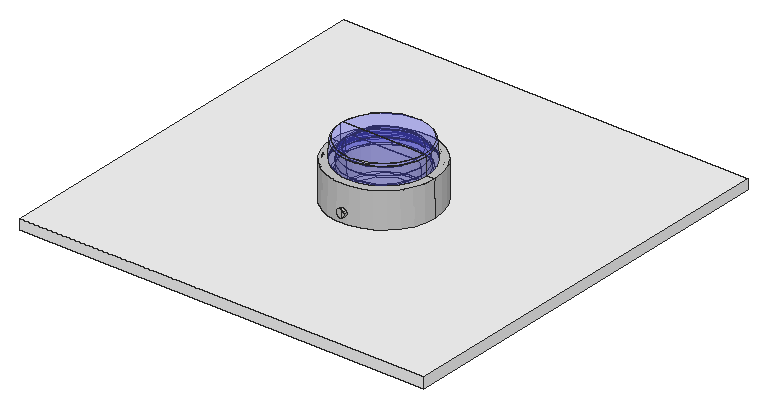
Revit family "BE_24037_de_DE", category Leuchten, Revit 2015
Parameters (values of type "BEGA_24037_Silber_K4")
  built-in parameter 1150104 = 18.088 (stored number, unit not read)
  Wattage = 0.95 W
  Default Elevation = 0 mm
  built-in parameter 1150113 = 1 (stored number, unit not read)
  built-in parameter 1114218 = 1 (stored number, unit not read)
  Umgebungstemperatur = "25 °C"
  URL = "http://www.bega.de/produkt/24037"
  Typenkommentare = "© 2017 BEGA. Wir behalten uns das Recht vor, technische Änderungen ohne vorherige Ankündigung vorzunehmen."  # constant formula
  Type Image = 24037.png
  built-in parameter 1150134 = 12
  built-in parameter 1150109 = 1 (stored number, unit not read)
  Strom = ""
  built-in parameter 1150110 = 1 (stored number, unit not read)
  Spannung = 239.996 V
  Sonderanfertigung = no
  Seriennummer [instance] = "Hier können Sie die eindeutige Seriennummer für das Facility Management eintragen."
  Schutzklasse = "I"
  Schutzart = "IP 65"
  Scheinlast = 0 VA
  Produktdatenblatt = "http://www.bega.de/download/Xrfa/db/24037.db.de.pdf"
  Oberflächentemperatur = ""
  Neigungswinkel = 0.00°
  Modell = "24037AK4"
  Material_17 = BEGA_Reflektor
  Material_15 = BEGA_Leuchtmedium_matt
  Material_11 = BEGA_Glas_opal
  Material_09 = BEGA_Glas_klar
  Material_06 = BEGA_Oberfläche_Edelstahl_gebürstet
  Material_03 = BEGA_Oberfläche_Weiss_matt
  Material_02 = BEGA_Oberfläche_Silber_matt
  Material_01 [instance] = BEGA_Oberfläche_Grafit_matt
  M_W = no
  M_G = no
  M_A = yes
  Logo = 0
  built-in parameter 1114217 = 1 (stored number, unit not read)
  built-in parameter 1150139 = (empty or 0)
  built-in parameter 1150105 = 14.719 (stored number, unit not read)
  built-in parameter 1150114 = 1 (stored number, unit not read)
  Lumens = 184.965 lm
  built-in parameter 1150115 = 1 (stored number, unit not read)
  Leuchtenlichtstrom = "105 lm"
  Leuchtenanzahl = ""
  Lebensdauerkriterien = "L70B50 @ 25 °C = 500000 h"
  Lastklassifizierung = Beleuchtung
  built-in parameter 1150112 = 1 (stored number, unit not read)
  Lampenlichtstrom = "185 lm"
  Lampe = "LED 0.95 W"
  LED_Modulbezeichnung = "LED-0238/840 "
  built-in parameter 1150142 = (empty or 0)
  Hersteller = "BEGA"  # constant formula
  Halbstreuwinkel = ""
  Gewicht = "0.6 kg"
  Gebrauchslageneinschränkung [instance] = ""
  Frequenz = "50-60 Hz"
  Farbwiedergabeindex = "Ra > 80"
  Farbtemperaturverschiebung bei Dämpfen der Lampe = <Keine Auswahl>
  Farbtemperatur = "4000 K"
  Color Filter = 16777215
  built-in parameter 1150133 = 10 (stored number, unit not read)
  Energieeffizienzklasse = "LED A++ - A"
  built-in parameter 1150137 = (empty or 0)
  built-in parameter 1150132 = (empty or 0)
  ENEC = ""
  Dimmbar [instance] = ""
  Datei für fotometrisches Netz = "BE_24037K4.IES"
  CE_Konformität = "ja"
  Bestellnummer = "24037AK4"
  Beschreibung_Sonderanfertigung = "Hier können Sie Informationen zur Sonderanfertigung eintragen."
  Beschreibung = "Decken- und Wandleuchte"
  built-in parameter 1150106 = 0.14719 (stored number, unit not read)
  Befestigungsbohrung = "Ø 4,5 mm"
  Befestigungsabstand = "60 mm"
  Ballwurfsicher = ""
  BEGA_Intern_aus = yes
  BEGA_Intern_an = yes
  BEGA_Intern_Konstruktion = yes
  BEGA_Intern = yes
  BEGA_IES = yes
  BEGA_Dummy = no
  Anschlussleitung = ""
  Anschlussleistung [instance] = "1.6 W"
  Anschlusskasten = ""
  built-in parameter 1150107 = 4000 (stored number, unit not read)
  built-in parameter 1150102 = (empty or 0)
  built-in parameter 1150138 = (empty or 0)
  Aktualisierung = "2017-07-31T04:09:27"
  Abstand_zur_angestrahlten_Fläche [instance] = ""
  AC/DC = "AC"
Types (4, lengths in mm): name | built-in parameter 1150104 | built-in parameter 1150134 | Modell | M_G | M_A | built-in parameter 1150105 | Lumens | Leuchtenlichtstrom | Lampenlichtstrom | LED_Modulbezeichnung | Farbtemperatur | Datei für fotometrisches Netz | Bestellnummer | built-in parameter 1150106 | built-in parameter 1150107
  BEGA_24037_Silber_K3 | 17.605 (stored number, unit not read) | (empty or 0) | "24037A" | no | yes | 14.326 (stored number, unit not read) | 180.025 lm | "102 lm" | "180 lm" | "LED-0238/830 " | "3000 K" | "BE_24037.IES" | "24037A" | 0.14326 (stored number, unit not read) | 3000 (stored number, unit not read)
  BEGA_24037_Grafit_K3 | 17.605 (stored number, unit not read) | (empty or 0) | "24037" | yes | no | 14.326 (stored number, unit not read) | 180.025 lm | "102 lm" | "180 lm" | "LED-0238/830 " | "3000 K" | "BE_24037.IES" | "24037" | 0.14326 (stored number, unit not read) | 3000 (stored number, unit not read)
  BEGA_24037_Silber_K4 | 18.088 (stored number, unit not read) | 12 | "24037AK4" | no | yes | 14.719 (stored number, unit not read) | 184.965 lm | "105 lm" | "185 lm" | "LED-0238/840 " | "4000 K" | "BE_24037K4.IES" | "24037AK4" | 0.14719 (stored number, unit not read) | 4000 (stored number, unit not read)
  BEGA_24037_Grafit_K4 | 18.088 (stored number, unit not read) | 12 | "24037K4" | yes | no | 14.719 (stored number, unit not read) | 184.965 lm | "105 lm" | "185 lm" | "LED-0238/840 " | "4000 K" | "BE_24037K4.IES" | "24037K4" | 0.14719 (stored number, unit not read) | 4000 (stored number, unit not read)
Reference planes
  plane 1 "Mitte (Vorne/Hinten)": y = 0
  plane 2: z = 0
  plane 3 "Mitte (Links/Rechts)": x = 0
  plane 4 "Links": x = -51.402
  plane 5 "Rechts": x = 51.402
  plane 6 "Unten": y = -51.405
  plane 7 "Oben": y = 51.409
  plane 8 "Vorne": z = 53.5
  plane 9 "Hinten": z = 0
Forms (mm)
  Extrusion 1, solid, material "BEGA_Platte_Weiss"
    sketch origin (0, -1119.2, 0) x (1, 0, 0) y (0, 1, 0)
      loop
        line (-200, 1319.2) -> (-200, 919.2) -> (200, 919.2) -> (200, 1319.2) -> (-200, 1319.2)
    from 0 to -10
  Extrusion 2, solid, material "BEGA_Dummy_matt", visible <- "BEGA_Dummy"
    sketch origin (77.149, -76.023, 0) x (1, 0, 0) y (0, 1, 0)
      loop
        circle (-77.149, 76.023) r 51.402
    from 0 to 53.5
Dimensions and locks
  plane 1 "Mitte (Vorne/Hinten)" to Extrusion 1 = 200 mm
  aligned and locked: plane 2 to Extrusion 1
  aligned and locked: level to Extrusion 1
Nested families
  nested 1: "BE_24037" at (0, 0, 0), type "BE_24037"
Connectors
  electrical at (0, 0, 0), driven by "Lastklassifizierung", driven by "Spannung", driven by "Scheinlast"
    settings: index 1, voltage 239.996 V, apparent load 0 VA, apparent load phase1 0 VA, apparent load phase2 0 VA, apparent load phase3 0 VA, power factor 1, load classification "Beleuchtung", number of poles 1, system type 31, power factor state 1, is connector primary yes, connector utility no, sub classification motor no, connector description ""
Definition of nested family "BE_24037"
  Parameters (values of type "BE_24037")
    Default Elevation = 1 mm
    URL = "http://www.bega.de/de/produkt"
    Type Comments = "© 2015 BEGA. Wir behalten uns das Recht vor, technische Änderungen ohne vorherige Ankündigung vorzunehmen. "  # constant formula
    Type Image = (empty or 0)
    Material_17 = none
    Material_15 = none
    Material_11 = none
    Material_09 = none
    Material_06 = none
    Material_02 = none
    Material_01 = none
    M_W = yes
    M_G = yes
    M_A = yes
    Länge_Platte = 200 mm  # constant formula
    Höhe_Platte = -10 mm  # constant formula
    Manufacturer = "BEGA"  # constant formula
    Breite_Platte = 200 mm  # constant formula
  Reference planes
    plane 1 "Mitte (Oben/Unten)": y = 0
    plane 2: z = 0
    plane 3 "Mitte (Links/Rechts)": x = 0
    plane 4 "Vorne": z = 53.5
    plane 5 "Links": x = -51.402
    plane 6 "Oben": y = 51.409
    plane 7 "Unten": y = -51.405
    plane 8: x = 51.402
  Forms (mm)
    Extrusion 1, solid, detail levels medium
      sketch origin (0, 0, 0) x (1, 0, 0) y (0, 1, 0)
        loop
          line (-100, 100) -> (-100, -100) -> (100, -100) -> (100, 100) -> (-100, 100)
      from 0 to -10 <- "Höhe_Platte"
    Revolve 2, solid, material <- "Material_01", visible <- "M_G", detail levels medium+fine
      sketch origin (0, 0, 0) x (1, 0, 0) y (0, 0, 1)
        loop
          line (-38.756, 0) -> (0, 0) -> (0, 2.9) -> (-8.188, 2.9) -> (-13.502, 2.9) -> (-30.503, 2.9) -> (-35.586, 2.9)
          arc (-35.586, 2.9) -> (-36.26, 3.163) -> (-36.58, 3.813) r 1
          line (-36.58, 3.813) -> (-38.565, 26.5) -> (-40.446, 26.5) -> (-47.895, 26.5)
          arc (-47.895, 26.5) -> (-47.998, 23.249) -> (-47.833, 20) r 39.338
          line (-47.833, 20) -> (-40.506, 20) -> (-38.756, 0)
        axis (0, 0) -> (0, 26.5)
      angle from 0 to 360
    Revolve 3, solid, material <- "Material_11", detail levels medium+fine
      sketch origin (0, 0, 0) x (1, 0, 0) y (0, 0, 1)
        loop
          line (0, 53.5) -> (-40.643, 53.5) -> (-42.357, 51.901) -> (-42.966, 34.464)
          arc (-42.966, 34.464) -> (-43.271, 33.78) -> (-43.966, 33.5) r 1
          line (-43.966, 33.5) -> (-47, 33.5)
          arc (-47, 33.5) -> (-47.354, 33.354) -> (-47.5, 33) r 0.5
          line (-47.5, 33) -> (-47.5, 29)
          arc (-47.5, 29) -> (-47.354, 28.646) -> (-47, 28.5) r 0.5
          line (-47, 28.5) -> (-37.5, 28.5) -> (-37.5, 33.5) -> (-37.12, 40.756)
          arc (-37.12, 40.756) -> (-35.572, 44.124) -> (-32.131, 45.5) r 5
          line (-32.131, 45.5) -> (0, 45.5) -> (0, 53.5)
        axis (0, 53.5) -> (0, 28.5)
      angle from 0 to 360
    Revolve 4, solid, material <- "Material_01", visible <- "M_G", detail levels medium+fine
      sketch origin (0, 0, 0) x (1, 0, 0) y (0, 0, 1)
        loop
          line (-50.8, 35.5) -> (-51.402, 1) -> (-49.059, 1) -> (-48.491, 33.5) -> (-43.57, 33.5) -> (-43.5, 35.5) -> (-50.8, 35.5)
        axis (0, 1) -> (0, 35.5)
      angle from 0 to 360
    Extrusion 5, void
      sketch origin (0, 0, 0) x (1, 0, 0) y (0, 1, 0)
        loop
          circle (0, -17.524) r 7.5
      from -1.713 to 2.9
    Extrusion 6, void
      sketch origin (0, 0, 0) x (1, 0, 0) y (0, 1, 0)
        loop
          circle (-30, 0) r 2.75
        loop
          circle (30, 0) r 2.75
      from 0 to 2.9
    Revolve 7, solid, material <- "Material_02", visible <- "M_A", detail levels medium+fine
      sketch origin (0, 0, 0) x (1, 0, 0) y (0, 0, 1)
        loop
          line (-38.756, 0) -> (0, 0) -> (0, 2.9) -> (-8.188, 2.9) -> (-13.502, 2.9) -> (-30.503, 2.9) -> (-35.586, 2.9)
          arc (-35.586, 2.9) -> (-36.26, 3.163) -> (-36.58, 3.813) r 1
          line (-36.58, 3.813) -> (-38.565, 26.5) -> (-40.446, 26.5) -> (-47.895, 26.5)
          arc (-47.895, 26.5) -> (-47.998, 23.249) -> (-47.833, 20) r 39.338
          line (-47.833, 20) -> (-40.506, 20) -> (-38.756, 0)
        axis (0, 0) -> (0, 26.5)
      angle from 0 to 360
    Revolve 8, solid, material <- "Material_02", visible <- "M_A", detail levels medium+fine
      sketch origin (0, 0, 0) x (1, 0, 0) y (0, 0, 1)
        loop
          line (-50.8, 35.5) -> (-51.402, 1) -> (-49.059, 1) -> (-48.491, 33.5) -> (-43.57, 33.5) -> (-43.5, 35.5) -> (-50.8, 35.5)
        axis (0, 1) -> (0, 35.5)
      angle from 0 to 360
    Extrusion 9, void
      sketch origin (0, 0, 0) x (1, 0, 0) y (0, 1, 0)
        loop
          circle (0, -17.524) r 7.5
      from -1.713 to 2.9
    Extrusion 10, void
      sketch origin (0, 0, 0) x (1, 0, 0) y (0, 1, 0)
        loop
          circle (-30, 0) r 2.75
        loop
          circle (30, 0) r 2.75
      from 0 to 2.9
    Revolve 11, solid, material <- "Material_06", detail levels fine
      sketch origin (0, 0, 0) x (0, 1, 0) y (0, 0, 1)
        loop
          line (-51.2, 14.5) -> (-53.7, 14.5) -> (-53.7, 10.5) -> (-51.2, 10.5) -> (-51.2, 14.5)
        axis (-51.2, 10.5) -> (-53.7, 10.5)
      angle from 0 to 360
  Cuts and joins
    Extrusion 5, Extrusion 6, Extrusion 9, Extrusion 10 cuts Revolve 2
    Extrusion 9, Extrusion 10 cuts Revolve 7
  Dimensions and locks
    equal spacing: Extrusion 1 sketch curve, plane 3 "Mitte (Links/Rechts)", Extrusion 1 sketch curve
    equal spacing: Extrusion 1 sketch curve, plane 1 "Mitte (Oben/Unten)", Extrusion 1 sketch curve
    "Länge_Platte": Extrusion 1 sketch curve to Extrusion 1 sketch curve
    "Breite_Platte": Extrusion 1 sketch curve to Extrusion 1 sketch curve
    aligned and locked: Extrusion 1 to plane 2
    aligned and locked: level to Extrusion 1
  Automatic sketch dimensions
    Revolve 2 sketch curve to level = 0 mm  (x2)
    Revolve 2 sketch curve to plane 3 "Mitte (Links/Rechts)" = 0 mm  (x2)
    level to Revolve 2 sketch curve = 2.9 mm
    Revolve 2 sketch curve to Revolve 2 sketch curve = 8.188 mm
    Revolve 2 sketch curve to plane 3 "Mitte (Links/Rechts)" = 8.662 mm
    Revolve 2 sketch curve to Revolve 2 sketch curve = 5.314 mm
    Revolve 2 sketch curve to Revolve 2 sketch curve = 17.001 mm
    Revolve 2 sketch curve to Revolve 2 sketch curve = 5.081 mm
    Revolve 2 sketch curve to Revolve 2 sketch curve = 0.002 mm
    Revolve 2 sketch curve to Revolve 2 sketch curve = 2.981 mm
    Revolve 2 sketch curve to Revolve 2 sketch curve = 3.17 mm
    Revolve 2 sketch curve to Revolve 2 sketch curve = 1.881 mm
    level to Revolve 2 sketch curve = 20 mm
    Revolve 2 sketch curve to Revolve 2 sketch curve = 0.06 mm
    Revolve 2 sketch curve to Revolve 2 sketch curve = 1 mm
    Revolve 2 sketch curve to Revolve 2 sketch curve = 6.5 mm
    Revolve 2 sketch curve to Revolve 2 sketch curve = 0.996 mm
    level to Revolve 2 sketch curve = 3.813 mm
    Revolve 2 sketch curve to Revolve 2 sketch curve = 0 mm
    Revolve 2 sketch curve to Revolve 2 sketch curve = 7.327 mm
    Revolve 2 sketch curve to Revolve 2 sketch curve = 0.063 mm
    Revolve 2 sketch curve to Revolve 2 sketch curve = 14.698 mm
    Revolve 3 sketch curve to plane 3 "Mitte (Links/Rechts)" = 0 mm  (x2)
    Revolve 3 sketch curve to plane 3 "Mitte (Links/Rechts)" = 32.126 mm
    Revolve 3 sketch curve to Revolve 3 sketch curve = 0.004 mm
    Revolve 3 sketch curve to Revolve 3 sketch curve = 4.993 mm
    Revolve 3 sketch curve to Revolve 3 sketch curve = 0.38 mm
    Revolve 3 sketch curve to Revolve 3 sketch curve = 8.512 mm
    Revolve 3 sketch curve to Revolve 3 sketch curve = 1.715 mm
    Revolve 3 sketch curve to Revolve 3 sketch curve = 5.466 mm
    Revolve 3 sketch curve to Revolve 3 sketch curve = 0.999 mm
    Revolve 3 sketch curve to Revolve 3 sketch curve = 3.034 mm
    Revolve 3 sketch curve to Revolve 3 sketch curve = 0 mm  (x2)
    Revolve 3 sketch curve to Revolve 3 sketch curve = 0.5 mm
    level to Revolve 3 sketch curve = 28.5 mm
    Revolve 3 sketch curve to Revolve 3 sketch curve = 4 mm
    Revolve 3 sketch curve to Revolve 3 sketch curve = 5 mm
    Revolve 3 sketch curve to Revolve 3 sketch curve = 0.964 mm
    Revolve 3 sketch curve to Revolve 3 sketch curve = 7 mm  (x2)
    Revolve 3 sketch curve to Revolve 3 sketch curve = 0.256 mm
    Revolve 3 sketch curve to Revolve 3 sketch curve = 6.401 mm
    Revolve 3 sketch curve to Revolve 3 sketch curve = 1.599 mm
    Revolve 4 sketch curve to plane 3 "Mitte (Links/Rechts)" = 0 mm
    Revolve 4 sketch curve to plane 3 "Mitte (Links/Rechts)" = 43.5 mm
    Revolve 4 sketch curve to Revolve 4 sketch curve = 0.07 mm
    Revolve 4 sketch curve to Revolve 4 sketch curve = 4.921 mm
    level to Revolve 4 sketch curve = 1 mm
    Revolve 4 sketch curve to Revolve 4 sketch curve = 0.567 mm
    Revolve 4 sketch curve to Revolve 4 sketch curve = 2.309 mm
    Revolve 4 sketch curve to Revolve 4 sketch curve = 2.344 mm
    Revolve 4 sketch curve to Revolve 4 sketch curve = 32.5 mm
    Revolve 4 sketch curve to Revolve 4 sketch curve = 2 mm
    Revolve 4 sketch curve to level = 4 mm
    level to Revolve 4 sketch curve = 37.316 mm
    Extrusion 5 sketch curve to plane 3 "Mitte (Links/Rechts)" = 0 mm
    plane 1 "Mitte (Oben/Unten)" to Extrusion 5 sketch curve = 17.524 mm
    plane 1 "Mitte (Oben/Unten)" to Extrusion 6 sketch curve = 0 mm  (x2)
    Extrusion 6 sketch curve to plane 3 "Mitte (Links/Rechts)" = 30 mm
    plane 3 "Mitte (Links/Rechts)" to Extrusion 6 sketch curve = 30 mm
    Revolve 7 sketch curve to level = 0 mm  (x2)
    Revolve 7 sketch curve to plane 3 "Mitte (Links/Rechts)" = 0 mm  (x2)
    level to Revolve 7 sketch curve = 2.9 mm
    Revolve 7 sketch curve to Revolve 7 sketch curve = 8.188 mm
    Revolve 7 sketch curve to plane 3 "Mitte (Links/Rechts)" = 8.662 mm
    Revolve 7 sketch curve to Revolve 7 sketch curve = 5.314 mm
    Revolve 7 sketch curve to Revolve 7 sketch curve = 17.001 mm
    Revolve 7 sketch curve to Revolve 7 sketch curve = 5.081 mm
    Revolve 7 sketch curve to Revolve 7 sketch curve = 0.002 mm
    Revolve 7 sketch curve to Revolve 7 sketch curve = 2.981 mm
    Revolve 7 sketch curve to Revolve 7 sketch curve = 3.17 mm
    Revolve 7 sketch curve to Revolve 7 sketch curve = 1.881 mm
    level to Revolve 7 sketch curve = 20 mm
    Revolve 7 sketch curve to Revolve 7 sketch curve = 0.06 mm
    Revolve 7 sketch curve to Revolve 7 sketch curve = 7.327 mm
    Revolve 7 sketch curve to Revolve 7 sketch curve = 0.063 mm
    Revolve 7 sketch curve to Revolve 7 sketch curve = 1 mm
    Revolve 7 sketch curve to Revolve 7 sketch curve = 20.728 mm
    Revolve 7 sketch curve to Revolve 7 sketch curve = 0.996 mm
    level to Revolve 7 sketch curve = 3.813 mm
    Revolve 7 sketch curve to Revolve 7 sketch curve = 0 mm
    Revolve 7 sketch curve to Revolve 7 sketch curve = 14.698 mm
    Revolve 8 sketch curve to plane 3 "Mitte (Links/Rechts)" = 0 mm
    Revolve 8 sketch curve to plane 3 "Mitte (Links/Rechts)" = 43.5 mm
    Revolve 8 sketch curve to Revolve 8 sketch curve = 0.07 mm
    Revolve 8 sketch curve to Revolve 8 sketch curve = 4.921 mm
    level to Revolve 8 sketch curve = 1 mm
    Revolve 8 sketch curve to Revolve 8 sketch curve = 0.567 mm
    Revolve 8 sketch curve to Revolve 8 sketch curve = 2.309 mm
    Revolve 8 sketch curve to Revolve 8 sketch curve = 2.344 mm
    Revolve 8 sketch curve to Revolve 8 sketch curve = 32.5 mm
    Revolve 8 sketch curve to Revolve 8 sketch curve = 2 mm
    Revolve 8 sketch curve to level = 4 mm
    level to Revolve 8 sketch curve = 37.316 mm
    Extrusion 9 sketch curve to plane 3 "Mitte (Links/Rechts)" = 0 mm
    plane 1 "Mitte (Oben/Unten)" to Extrusion 9 sketch curve = 17.524 mm
    plane 1 "Mitte (Oben/Unten)" to Extrusion 10 sketch curve = 0 mm  (x2)
    Extrusion 10 sketch curve to plane 3 "Mitte (Links/Rechts)" = 30 mm
    plane 3 "Mitte (Links/Rechts)" to Extrusion 10 sketch curve = 30 mm
    Revolve 11 sketch curve to plane 7 "Unten" = 2.295 mm
    plane 7 "Unten" to Revolve 11 sketch curve = 0.205 mm
    level to Revolve 11 sketch curve = 10.5 mm
    Revolve 11 sketch curve to Revolve 11 sketch curve = 4 mm
    Revolve 11 sketch curve to Revolve 11 sketch curve = 3.057 mm
    Revolve 11 sketch curve to Revolve 11 sketch curve = 0 mm  (x2)
    radius of Extrusion 5 sketch curve = 7.5 mm
    radius of Extrusion 6 sketch curve = 2.75 mm  (x2)
    radius of Extrusion 9 sketch curve = 7.5 mm
    radius of Extrusion 10 sketch curve = 2.75 mm  (x2)
